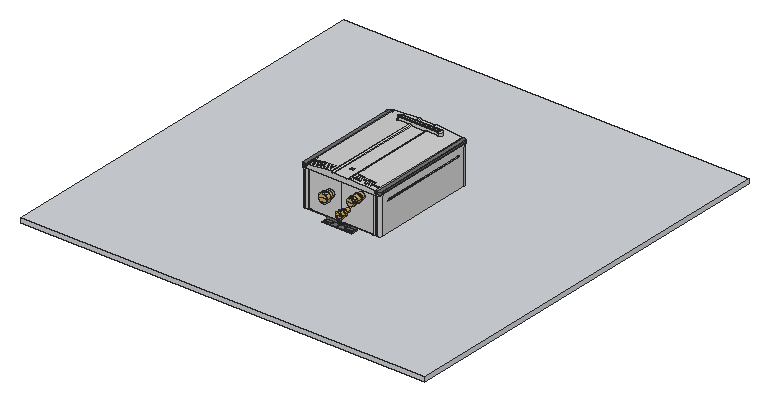
Revit family "Water_Heater-Rinnai-Ultra-Condensing-Tankless-RUS65e", category Mechanical Equipment, host Face, Revit 2012
Parameters (values of type "Standard")
  Width = 18 1/2"  # constant formula
  Wattage = 61 W
  Warranty URL = ""
  Warranty = "Residential:Limited 12-year on heat exchanger, 5-year on parts, 1-year on labor"  # constant formula
  Voltage = 120 V
  Unit = Metal - Rinnai - Aluminum Frame - Brass - Stain
  URL = "https://rinnai.us/"
  Temperature Settings = "120° - 140° F"  # constant formula
  Subcategory = "Tankless Water Heaters"  # constant formula
  Spec Sheet URL = "https://www.rinnai.us/documentation/downloads/RUS65e_%28KCM2025W-US%29_SP.pdf"
  Product Page URL = "https://rinnai.us/water-heater/product/rus65e-reu-kcm2025w-us"
  Noise Level Range = "55dB"  # constant formula
  Natural Gas = yes
  Model = "REU-KCM2025W-US"  # constant formula
  Max Amperage = 2.3 A
  Manufacturer Phone - Toll Free = "800-621-9419"  # constant formula
  Manufacturer Phone = "800-621-9419"  # constant formula
  Manufacturer Fax = "678-829-1666"  # constant formula
  Manufacturer Email = "mailto:engineering@rinnai.us"
  Manufacturer Address = "103 International Drive, Peachtree City, GA 30269"  # constant formula
  Manufacturer = "Rinnai America Corporation"  # constant formula
  Liquid Propane = yes
  Interference = Glass - Rinnai - Clear - Amber
  Installation URL = "https://www.rinnai.us/documentation/downloads/100000384.pdf"
  Installation Location = "Outdoor only"  # constant formula
  Ignition System = "Direct electronic ignition"  # constant formula
  Hot Water Connection = "Hot Water Connector"  # constant formula
  Height = 26"  # constant formula
  Panel = Metal - Rinnai - Aluminum Frame - Painted White
  Gas Supply Pressure Min = "4\" (NG); 8\" (Propane)"
  Gas Supply Pressure Max = "10.5\" (NG); 13.5\" (Propane)"
  Gas Manifold Pressure Low Fire = ".89\" (NG); .96\" (Propane)"
  Gas Manifold Pressure High Fire = "2.02\" (NG); 3.32\" (Propane)"
  Gas Input Rate = 130.0 Btu/h
  Gas Input Range = "10,300 - 130,000 BTU/h"  # constant formula
  Gas Connection = "Gas Connector"  # constant formula
  Frequency = 60 Hz
  Electrical Consumption Range = "Normal: 61 w, Standby: 1.3 w"  # constant formula
  Dry Weight = 57.30 lbf
  Description = "Tankless Water Heater"  # constant formula
  Depth = 10"  # constant formula
  Default Elevation = 4"
  Combustion Air = "Outdoor"  # constant formula
  Combustibles = yes
  Cold Water Connection = "Cold Water Connector"  # constant formula
  Clearance for Top = 12"  # constant formula
  Clearance for Sides = 6"  # constant formula
  Clearance for Ground or Bottom = 12"  # constant formula
  Clearance for Front = 24"  # constant formula
  Cap = Metal - Rinnai - Aluminum - Polished Sliver
  Assembly Code = ""
  Applicable Altitude Range = "0 - 5400 ft (0 - 1646 m)"  # constant formula
  95 CSI = ""
  04 CSI = ""
Reference planes (in)
  plane 1 "Center (Front/Back)": y = 0
  plane 2: z = 0
  plane 3 "Center (Left/Right)": x = 0
  plane 4: y = 13
  plane 5: y = -13
  plane 6: x = -9.25
  plane 7: x = 9.25
  plane 8: z = 10.5501
  plane 9: z = 0.5501
Forms (in)
  Extrusion 1, solid
    sketch origin (0, 0, 0) x (1, 0, 0) y (0, 1, 0)
      loop
        line (-48, 48) -> (-48, -48) -> (48, -48) -> (48, 48) -> (-48, 48)
    from 0 to -1
  Sweep 2, solid, material "Glass - Rinnai - Clear - Amber" <- "Interference", not visible
    path origin (0, 0, 0) x (1, 0, 0) y (0, 1, 0)
      loop
        line (0, 19) -> (0, -25)
    profile origin (0, -3, 0) x (1, 0, 0) y (0, 0, 1)
      loop
        line (11.25, 16.72205) -> (-11.25, 16.72205) -> (-11.25, 0) -> (11.25, 0) -> (11.25, 16.72205)
Dimensions and locks (in)
  equal spacing: plane 6, plane 3 "Center (Left/Right)", plane 7
  "Width": plane 6 to plane 7
  equal spacing: plane 4, plane 1 "Center (Front/Back)", plane 5
  "Height": plane 4 to plane 5
  locked: level to plane 9 at 0.5501
  "Depth": plane 9 to plane 8
  aligned and locked: plane 2 to Extrusion 1
  aligned and locked: level to Extrusion 1
  aligned and locked: Sweep 2 sketch curve to plane 3 "Center (Left/Right)"
  aligned and locked: Sweep 2 sketch curve to Extrusion 1
  aligned and locked: plane 3 "Center (Left/Right)" to nested 2
  aligned and locked: plane 7 to nested 1
  aligned and locked: nested 1 to plane 5
Automatic sketch dimensions
  Extrusion 1 sketch curve to Extrusion 1 sketch curve = 96"  (x2)
  plane 4 to Sweep 2 sketch curve = 6"
  plane 5 to Sweep 2 sketch curve = 12"
  profile plane to Sweep 2 sketch curve = 11 1/4"
  Sweep 2 sketch curve to profile plane = 11 1/4"
  Sweep 2 sketch curve to Sweep 2 sketch curve = 16.72205"
Nested families (in)
  nested 1: "Water Heater" at (0, 0.15, 0), type "RUS65e"
  nested 2: "Pipes" at (0, -14.03858, 0), type "Pipes"
Connectors (in)
  piping at (4.70163, -15.96888, 7.82256), driven by "Gas Connection"
    settings: on nested 2, index 1, connector radius 0.65", flow factor 0, pipe flow 0.00 GPM, pressure drop 0.00 psi, fitting loss kfactor 0, connector angle 0.00°, fixture units 0, engagement length 0", flow configuration 0, flow direction 1, fitting loss method 0, system type 8, joint type 0, gender type 0, connector reference index -1, connector utility 0, adjustable connector no, is connector primary yes, fitting loss table "", connector description "Gas Connector"
  piping at (-2.57004, -14.98448, 5.73209), driven by "Cold Water Connection"
    settings: on nested 2, index 2, connector radius 0.965", flow factor 0, pipe flow 0.00 GPM, pressure drop 0.00 psi, fitting loss kfactor 0, connector angle 0.00°, fixture units 0, engagement length 0", flow configuration 0, flow direction 2, fitting loss method 0, system type 20, joint type 0, gender type 0, connector reference index -1, connector utility 1, adjustable connector no, is connector primary no, fitting loss table "", connector description "Cold Water Connector"
  piping at (1.64829, -15.5587, 3.75493), driven by "Hot Water Connection"
    settings: on nested 2, index 3, connector radius 0.675", flow factor 0, pipe flow 0.00 GPM, pressure drop 0.00 psi, fitting loss kfactor 0, connector angle 0.00°, fixture units 0, engagement length 0", flow configuration 0, flow direction 2, fitting loss method 0, system type 19, joint type 0, gender type 0, connector reference index -1, connector utility 1, adjustable connector no, is connector primary no, fitting loss table "", connector description "Hot Water Connector"
Definition of nested family "Water Heater"
  Parameters (values of type "RUR98e")
    Unit = Metal - Rinnai - Aluminum Frame - Painted White
    URL = ""
    Panel = Metal - Rinnai - Aluminum Frame - Painted White
    Model = ""
    Manufacturer Email = ""
    Manufacturer = ""
    Interference = Glass - Rinnai - Clear - Amber
    Door = Metal - Rinnai - Aluminum - Polished Sliver
    Description = ""
    Default Elevation = 48"
    Assembly Code = ""
  Reference planes (in)
    plane 1 "Center (Front/Back)": y = 0
    plane 2: z = 0
    plane 3 "Center (Left/Right)": x = 0
    plane 4: y = 12.85
    plane 5: x = -9.25
    plane 6: x = 9.25
    plane 7: y = 14.85
    plane 8: y = -14.85
    plane 9: x = -9.375
    plane 10: x = 9.375
    plane 11: z = 34.72205
    plane 12: z = 10.72205
    plane 13: z = 0.62205
    plane 14: x = 5.09845
    plane 15: z = 7.0748
    plane 16: z = 2.99213
    plane 17: x = 2.10239
    plane 18: z = 5.00787
    plane 19: x = -2.12399
    plane 20: x = 5
    plane 21: z = 7.72205
    plane 22: z = 3.62205
    plane 23: x = 1.60239
    plane 24: z = 5.62205
    plane 25: x = -2.2
    plane 26: z = 2.49055
    plane 27: x = -0.39761
    plane 28: y = -13.15
  Forms (in)
    Extrusion 1, solid
      sketch origin (0, 0, 0) x (1, 0, 0) y (0, 1, 0)
        loop
          line (-48, 48) -> (-48, -48) -> (48, -48) -> (48, 48) -> (-48, 48)
      from 0 to -1
    Sweep 2, solid, material "Glass - Rinnai - Clear - Amber" <- "Interference", not visible
      path origin (0, 0, 0) x (1, 0, 0) y (0, 1, 0)
        loop
          line (0, 14.85) -> (0, -14.85)
      profile origin (0, 0, 0) x (1, 0, 0) y (0, 0, 1)
        loop
          line (9.375, 34.72205) -> (-9.375, 34.72205) -> (-9.375, 0) -> (9.375, 0) -> (9.375, 34.72205)
  Dimensions and locks (in)
    plane 1 "Center (Front/Back)" to plane 4 = 12.85"
    equal spacing: plane 5, plane 3 "Center (Left/Right)", plane 6
    plane 5 to plane 6 = 18 1/2"
    plane 7 to plane 4 = 2"
    plane 9 to plane 5 = 1/8"
    plane 6 to plane 10 = 1/8"
    locked: plane 13 to Extrusion 1 at 0.62205
    plane 12 to plane 13 = 10.1"
    plane 11 to plane 12 = 24"
    plane 4 to plane 28 = 26"
    aligned and locked: plane 2 to Extrusion 1
    aligned and locked: level to Extrusion 1
    aligned and locked: plane 1 "Center (Front/Back)" to nested 1
    aligned and locked: Sweep 2 sketch curve to plane 3 "Center (Left/Right)"
    aligned and locked: plane 7 to Sweep 2 sketch curve
    aligned and locked: plane 8 to Sweep 2 sketch curve
    aligned and locked: plane 10 to Sweep 2 sketch curve
    aligned and locked: Sweep 2 sketch curve to plane 11
    aligned and locked: Sweep 2 sketch curve to plane 9
    aligned and locked: Sweep 2 sketch curve to Extrusion 1
    aligned and locked: plane 1 "Center (Front/Back)" to nested 2
    aligned and locked: plane 3 "Center (Left/Right)" to nested 2
    aligned and locked: plane 3 "Center (Left/Right)" to nested 1
    aligned and locked: Extrusion 1 to nested 2
  Automatic sketch dimensions
    Extrusion 1 sketch curve to Extrusion 1 sketch curve = 96"  (x2)
  Nested families (in)
    nested 1: "RUR98e" at (0, 0, 0.59375), type "RUR98e"
    nested 2: "Masking_Nested" at (0, 0, 0.59055), type "Masking_Nested"
  Definition of nested family "RUR98e"
    Parameters (values of type "RUR98e")
      Unit = Metal - Rinnai - Aluminum Frame - Painted White
      G = 3.44"  # constant formula
      F = 1.85"  # constant formula
      E = 2.89"  # constant formula
      Door = Metal - Rinnai - Aluminum - Polished Sliver
      Display = Metal - Rinnai - Aluminum Frame - Painted White
      Default Elevation = 48"
      Clamp = Metal - Rinnai - Aluminum - Polished Sliver
      C = 1.17"  # constant formula
      Width = 18 1/2"  # constant formula
      Height = 25.7"  # constant formula
      Depth = 10.1"  # constant formula
      D = 4.33"  # constant formula
      B = 4.21"  # constant formula
    Reference planes (in)
      plane 1 "Center (Front/Back)": y = 0
      plane 2: z = 0
      plane 3 "Center (Left/Right)": x = 0
      plane 4: y = 12.85
      plane 5: x = -9.25
      plane 6: x = 9.25
      plane 7: z = 10.1
      plane 8: z = 8.75945
      plane 9: z = -0.20842
      plane 10: z = 3.97008
      plane 11: x = 4.33
      plane 12: x = 1.17
      plane 13: z = 1.61008
      plane 14: x = -2.89
      plane 15: z = 3.20008
      plane 16: y = 15.52
      plane 17: z = 19.63941
      plane 18: z = 10.70949
      plane 19: x = 0
      plane 20: y = 9.95477
      plane 21: x = 5.09845
      plane 22: z = 7.0748
      plane 23: z = 2.99213
      plane 24: x = 2.10239
      plane 25: z = 5.00787
      plane 26: x = -2.12399
      plane 27: z = -0.59055
      plane 28: y = -13.15
    Forms (in)
      Extrusion 1, solid, material "Metal - Rinnai - Aluminum Frame - Painted White" <- "Unit", detail levels medium+fine
        sketch origin (0, 0, 0) x (1, 0, 0) y (0, 1, 0)
          loop
            arc (-8.5, 12.72578) -> (-9.03033, 12.50611) -> (-9.25, 11.97578) r 0.75
            line (-9.25, 11.97578) -> (-9.25, -12.07027)
            arc (-9.25, -12.07027) -> (-9.03033, -12.6006) -> (-8.5, -12.82027) r 0.75
            line (-8.5, -12.82027) -> (-7.75409, -12.82027)
            arc (-7.75409, -12.82027) -> (-7.72259, -12.78878) -> (-7.75409, -12.75728) r 0.0315
            line (-7.75409, -12.75728) -> (-8.33874, -12.75728)
            arc (-8.33874, -12.75728) -> (-8.86907, -12.53761) -> (-9.08874, -12.00728) r 0.75
            line (-9.08874, -12.00728) -> (-9.08874, 11.87342)
            arc (-9.08874, 11.87342) -> (-8.86907, 12.40375) -> (-8.33874, 12.62342) r 0.75
            line (-8.33874, 12.62342) -> (8.33874, 12.62342)
            arc (8.33874, 12.62342) -> (8.86907, 12.40375) -> (9.08874, 11.87342) r 0.75
            line (9.08874, 11.87342) -> (9.08874, -12.00728)
            arc (9.08874, -12.00728) -> (8.86907, -12.53761) -> (8.33874, -12.75728) r 0.75
            line (8.33874, -12.75728) -> (7.75409, -12.75728)
            arc (7.75409, -12.75728) -> (7.72259, -12.78878) -> (7.75409, -12.82027) r 0.0315
            line (7.75409, -12.82027) -> (8.5, -12.82027)
            arc (8.5, -12.82027) -> (9.03033, -12.6006) -> (9.25, -12.07027) r 0.75
            line (9.25, -12.07027) -> (9.25, 11.97578)
            arc (9.25, 11.97578) -> (9.03033, 12.50611) -> (8.5, 12.72578) r 0.75
            line (8.5, 12.72578) -> (-8.5, 12.72578)
        from -0.04045 to 8.75945
      Extrusion 2, solid, material "Metal - Rinnai - Aluminum Frame - Painted White" <- "Unit", detail levels fine
        sketch origin (0, 0, 0) x (1, 0, 0) y (0, 1, 0)
          loop
            arc (-7.94561, -12.71791) -> (-7.96958, -12.73044) -> (-7.97296, -12.75728) r 0.02918
            line (-7.97296, -12.75728) -> (0.00974, -12.75728) -> (7.97296, -12.75728)
            arc (7.97296, -12.75728) -> (7.96958, -12.73044) -> (7.94561, -12.71791) r 0.02918
            line (7.94561, -12.71791) -> (-0.00497, -12.71791) -> (-7.94561, -12.71791)
        from 0 to 8.75945
      Sweep 3, solid, material "Metal - Rinnai - Aluminum Frame - Painted White" <- "Unit", detail levels medium+fine
        path origin (-19.30772, -180, -0.04045) x (-1, 0, 0) y (0, -1, 0)
          loop
            line (-27.06181, -167.17973) -> (-27.80772, -167.17973)
            arc (-27.80772, -167.17973) -> (-28.33805, -167.3994) -> (-28.55772, -167.92973) r 0.75
            line (-28.55772, -167.92973) -> (-28.55772, -191.97578)
            arc (-28.55772, -191.97578) -> (-28.33805, -192.50611) -> (-27.80772, -192.72578) r 0.75
            line (-27.80772, -192.72578) -> (-10.80772, -192.72578)
            arc (-10.80772, -192.72578) -> (-10.27739, -192.50611) -> (-10.05772, -191.97578) r 0.75
            line (-10.05772, -191.97578) -> (-10.05772, -167.92973)
            arc (-10.05772, -167.92973) -> (-10.27739, -167.3994) -> (-10.80772, -167.17973) r 0.75
            line (-10.80772, -167.17973) -> (-11.55363, -167.17973)
        profile origin (8.12705, -12.82027, -0.04045) x (0, 1, 0) y (0, 0, 1)
          loop
            arc (0, 0.0315) -> (0.00922, 0.00922) -> (0.0315, 0) r 0.0315
            line (0.0315, 0) -> (0.0315, 0.0315) -> (0, 0.0315)
      Extrusion 4, solid, material "Metal - Rinnai - Aluminum - Polished Sliver" <- "Clamp", detail levels medium+fine
        sketch origin (0, 0, 0) x (0, 1, 0) y (0, 0, 1)
          loop
            arc (-14.30637, -0.52756) -> (-14.33787, -0.55906) -> (-14.30637, -0.59055) r 0.0315
            line (-14.30637, -0.59055) -> (-12.85049, -0.59055)
            arc (-12.85049, -0.59055) -> (-12.82912, -0.5817) -> (-12.82027, -0.56033) r 0.03022
            line (-12.82027, -0.56033) -> (-12.82027, -0.11024) -> (-12.52618, -0.11024)
            arc (-12.52618, -0.11024) -> (-12.47377, -0.09026) -> (-12.44796, -0.04045) r 0.07874
            line (-12.44796, -0.04045) -> (-12.88326, -0.04045) -> (-12.88326, -0.52756) -> (-14.30637, -0.52756)
          loop
            line (14.30637, -0.52756) -> (12.88326, -0.52756) -> (12.88326, -0.04045) -> (12.44796, -0.04045)
            arc (12.44796, -0.04045) -> (12.47377, -0.09026) -> (12.52618, -0.11024) r 0.07874
            line (12.52618, -0.11024) -> (12.82027, -0.11024) -> (12.82027, -0.56033)
            arc (12.82027, -0.56033) -> (12.82912, -0.5817) -> (12.85049, -0.59055) r 0.03022
            line (12.85049, -0.59055) -> (14.30637, -0.59055)
            arc (14.30637, -0.59055) -> (14.33787, -0.55906) -> (14.30637, -0.52756) r 0.0315
        from -3.54331 to 3.54331
      Extrusion 5, void
        sketch origin (0, 0, 0) x (0, 1, 0) y (1, 0, 0)
          loop
            line (13.67854, 0.11811) -> (13.48655, 0.11811)
            arc (13.48655, 0.11811) -> (13.39706, 0.19062) -> (13.28484, 0.21654) r 0.25591
            line (13.28484, 0.21654) -> (13.00925, 0.21654)
            arc (13.00925, 0.21654) -> (12.79271, 0) -> (13.00925, -0.21654) r 0.21654
            line (13.00925, -0.21654) -> (13.28484, -0.21654)
            arc (13.28484, -0.21654) -> (13.39706, -0.19062) -> (13.48655, -0.11811) r 0.25591
            line (13.48655, -0.11811) -> (13.67854, -0.11811)
            arc (13.67854, -0.11811) -> (13.79665, 0) -> (13.67854, 0.11811) r 0.11811
          loop
            circle (13.48163, 1.57456) r 0.25559
          loop
            line (13.90492, 2.35236) -> (13.90492, 2.76575)
            arc (13.90492, 2.76575) -> (13.79665, 2.87402) -> (13.68838, 2.76575) r 0.10827
            line (13.68838, 2.76575) -> (13.68838, 2.35236)
            arc (13.68838, 2.35236) -> (13.79665, 2.24409) -> (13.90492, 2.35236) r 0.10827
          loop
            line (13.69823, 3.26772) -> (13.61949, 3.26772)
            arc (13.61949, 3.26772) -> (13.50137, 3.14961) -> (13.61949, 3.0315) r 0.11811
            line (13.61949, 3.0315) -> (13.69823, 3.0315)
            arc (13.69823, 3.0315) -> (13.81634, 3.14961) -> (13.69823, 3.26772) r 0.11811
          loop
            circle (13.48163, -1.57456) r 0.25559
          loop
            arc (13.90492, -2.0374) -> (13.79665, -1.92913) -> (13.68838, -2.0374) r 0.10827
            line (13.68838, -2.0374) -> (13.68838, -2.76575)
            arc (13.68838, -2.76575) -> (13.79665, -2.87402) -> (13.90492, -2.76575) r 0.10827
            line (13.90492, -2.76575) -> (13.90492, -2.0374)
          loop
            arc (13.69823, -3.26772) -> (13.81634, -3.14961) -> (13.69823, -3.0315) r 0.11811
            line (13.69823, -3.0315) -> (13.61949, -3.0315)
            arc (13.61949, -3.0315) -> (13.50137, -3.14961) -> (13.61949, -3.26772) r 0.11811
            line (13.61949, -3.26772) -> (13.69823, -3.26772)
          loop
            line (-13.73366, -0.11811) -> (-13.54167, -0.11811)
            arc (-13.54167, -0.11811) -> (-13.45218, -0.19062) -> (-13.33996, -0.21654) r 0.25591
            line (-13.33996, -0.21654) -> (-13.06437, -0.21654)
            arc (-13.06437, -0.21654) -> (-12.84783, 0) -> (-13.06437, 0.21654) r 0.21654
            line (-13.06437, 0.21654) -> (-13.33996, 0.21654)
            arc (-13.33996, 0.21654) -> (-13.45218, 0.19062) -> (-13.54167, 0.11811) r 0.25591
            line (-13.54167, 0.11811) -> (-13.73366, 0.11811)
            arc (-13.73366, 0.11811) -> (-13.85177, 0) -> (-13.73366, -0.11811) r 0.11811
          loop
            circle (-13.53674, -1.57456) r 0.25559
          loop
            line (-13.96004, -2.35236) -> (-13.96004, -2.76575)
            arc (-13.96004, -2.76575) -> (-13.85177, -2.87402) -> (-13.7435, -2.76575) r 0.10827
            line (-13.7435, -2.76575) -> (-13.7435, -2.35236)
            arc (-13.7435, -2.35236) -> (-13.85177, -2.24409) -> (-13.96004, -2.35236) r 0.10827
          loop
            line (-13.75334, -3.26772) -> (-13.6746, -3.26772)
            arc (-13.6746, -3.26772) -> (-13.55649, -3.14961) -> (-13.6746, -3.0315) r 0.11811
            line (-13.6746, -3.0315) -> (-13.75334, -3.0315)
            arc (-13.75334, -3.0315) -> (-13.87145, -3.14961) -> (-13.75334, -3.26772) r 0.11811
          loop
            circle (-13.53674, 1.57456) r 0.25559
          loop
            arc (-13.96004, 2.0374) -> (-13.85177, 1.92913) -> (-13.7435, 2.0374) r 0.10827
            line (-13.7435, 2.0374) -> (-13.7435, 2.76575)
            arc (-13.7435, 2.76575) -> (-13.85177, 2.87402) -> (-13.96004, 2.76575) r 0.10827
            line (-13.96004, 2.76575) -> (-13.96004, 2.0374)
          loop
            arc (-13.75334, 3.26772) -> (-13.87145, 3.14961) -> (-13.75334, 3.0315) r 0.11811
            line (-13.75334, 3.0315) -> (-13.6746, 3.0315)
            arc (-13.6746, 3.0315) -> (-13.55649, 3.14961) -> (-13.6746, 3.26772) r 0.11811
            line (-13.6746, 3.26772) -> (-13.75334, 3.26772)
        from 0.52756 to 0.59055
      Extrusion 6, void
        sketch origin (0, 0, 0.23337) x (1, 0, 0) y (0, 0, 1)
          loop
            line (9.53125, 10.1184) -> (-9.53125, 10.1184) -> (-9.53125, 8.75147) -> (-8.45921, 8.75147) -> (-8.09256, 8.96315) -> (-8.09256, 9.11474)
            arc (-8.09256, 9.11474) -> (-8.15825, 9.1617) -> (-8.22104, 9.21246) r 1.36561
            arc (-8.22104, 9.21246) -> (-8.24458, 9.29284) -> (-8.18067, 9.34696) r 0.07682
            arc (-8.18067, 9.34696) -> (-4.09779, 9.77258) -> (0, 10.0158) r 92.07872
            arc (0, 10.0158) -> (4.12628, 9.77025) -> (8.23738, 9.33975) r 92.07872
            arc (8.23738, 9.33975) -> (8.279, 9.30476) -> (8.26549, 9.25234) r 0.05052
            arc (8.26549, 9.25234) -> (8.18181, 9.18004) -> (8.09256, 9.11474) r 1.36561
            line (8.09256, 9.11474) -> (8.09256, 8.96315) -> (8.45921, 8.75147) -> (9.53125, 8.75147) -> (9.53125, 10.1184)
        from -15.04938 to 15.10382
      Extrusion 7, solid, material "Metal - Rinnai - Aluminum Frame - Painted White" <- "Display", detail levels medium+fine
        sketch origin (0, 0, 0) x (1, 0, 0) y (0, 1, 0)
          loop
            line (8.58208, 12.85) -> (-8.63521, 12.85)
            arc (-8.63521, 12.85) -> (-9.06993, 12.66993) -> (-9.25, 12.23521) r 0.61479
            line (-9.25, 12.23521) -> (-9.25, -12.55655)
            arc (-9.25, -12.55655) -> (-9.07618, -12.97618) -> (-8.65655, -13.15) r 0.59345
            line (-8.65655, -13.15) -> (8.56688, -13.15)
            arc (8.56688, -13.15) -> (9.04992, -12.94992) -> (9.25, -12.46688) r 0.68312
            line (9.25, -12.46688) -> (9.25, 12.18208)
            arc (9.25, 12.18208) -> (9.05437, 12.65437) -> (8.58208, 12.85) r 0.66792
        from 8.75945 to 10.35178
      Extrusion 8, solid, material "Metal - Rinnai - Aluminum - Polished Sliver" <- "Door", detail levels medium+fine
        sketch origin (0, 0, 0) x (1, 0, 0) y (0, 1, 0)
          loop
            arc (-8.52756, 12.84217) -> (-9.05789, 12.6225) -> (-9.27756, 12.09217) r 0.75
            line (-9.27756, 12.09217) -> (-9.27756, -12.4)
            arc (-9.27756, -12.4) -> (-9.05789, -12.93033) -> (-8.52756, -13.15) r 0.75
            line (-8.52756, -13.15) -> (-8.09256, -13.15) -> (-8.09256, 12.84217) -> (-8.52756, 12.84217)
          loop
            line (8.52756, 12.84217) -> (8.09256, 12.84217) -> (8.09256, -13.15) -> (8.52756, -13.15)
            arc (8.52756, -13.15) -> (9.05789, -12.93033) -> (9.27756, -12.4) r 0.75
            line (9.27756, -12.4) -> (9.27756, 12.09217)
            arc (9.27756, 12.09217) -> (9.05789, 12.6225) -> (8.52756, 12.84217) r 0.75
        from 8.98484 to 9.68676
      Extrusion 9, solid, material "Metal - Rinnai - Aluminum Frame - Painted White" <- "Unit", detail levels coarse
        sketch origin (0, 0, 0) x (1, 0, 0) y (0, 1, 0)
          loop
            line (9.25, -13.15) -> (9.25, 12.85) -> (-9.27756, 12.85) -> (-9.27756, -13.15) -> (9.25, -13.15)
        from -0.59055 to 10.1
      Extrusion 10, solid, material "Metal - Rinnai - Aluminum Frame - Painted White" <- "Unit", detail levels medium
        sketch origin (0, 0, 0) x (1, 0, 0) y (0, 1, 0)
          loop
            arc (-7.94561, -12.71791) -> (-7.96958, -12.73044) -> (-7.97296, -12.75728) r 0.02918
            line (-7.97296, -12.75728) -> (0.00974, -12.75728) -> (7.97296, -12.75728)
            arc (7.97296, -12.75728) -> (7.96958, -12.73044) -> (7.94561, -12.71791) r 0.02918
            line (7.94561, -12.71791) -> (-0.00497, -12.71791) -> (-7.94561, -12.71791)
        from 0 to 8.75945
      Extrusion 11, void
        sketch origin (0, 0, -0.5) x (1, 0, 0) y (0, 0, 1)
          loop
            arc (-2.72285, 8.66093) -> (-2.65853, 7.48173) -> (-2.60646, 6.30193) r 113.80035
            arc (-2.60646, 6.30193) -> (-2.30126, 4.88899) -> (-3.007, 3.62747) r 2.04411
            arc (-3.007, 3.62747) -> (-0.09766, 0.15621) -> (3.02871, 3.43337) r 3.03824
            arc (3.02871, 3.43337) -> (2.73456, 3.91825) -> (2.60646, 4.47073) r 1.79421
            arc (2.60646, 4.47073) -> (2.64496, 6.56638) -> (2.72285, 8.66093) r 111.52327
            line (2.72285, 8.66093) -> (-2.72285, 8.66093)
        from -13.68838 to 13.39188
      Extrusion 12, void
        sketch origin (0, 0, 0.15514) x (1, 0, 0) y (0, 0, 1)
          loop
            arc (1.60849, 9.74656) -> (1.69001, 9.75729) -> (1.76597, 9.78875) r 0.31496
            line (1.76597, 9.78875) -> (2.03915, 9.94647)
            arc (2.03915, 9.94647) -> (2.1341, 9.9858) -> (2.236, 9.99922) r 0.3937
            line (2.236, 9.99922) -> (2.236, 10.20703) -> (-2.23606, 10.20703) -> (-2.23606, 9.99922)
            arc (-2.23606, 9.99922) -> (-2.13416, 9.9858) -> (-2.0392, 9.94647) r 0.3937
            line (-2.0392, 9.94647) -> (-1.76603, 9.78875)
            arc (-1.76603, 9.78875) -> (-1.69007, 9.75729) -> (-1.60855, 9.74656) r 0.31496
            line (-1.60855, 9.74656) -> (1.60849, 9.74656)
        from -14.53617 to 14.5778
      Sweep 13, solid, material "Metal - Rinnai - Aluminum Frame - Painted White" <- "Display", detail levels medium+fine
        path origin (0, -0.07031, 0) x (1, 0, 0) y (0, 1, 0)
          loop
            line (4.74071, 11.10265) -> (-4.74071, 11.10265)
            arc (-4.74071, 11.10265) -> (-5.28643, 10.55692) -> (-4.74071, 10.0112) r 0.54572
            line (-4.74071, 10.0112) -> (4.74071, 10.0112)
            arc (4.74071, 10.0112) -> (5.28643, 10.55692) -> (4.74071, 11.10265) r 0.54572
        profile origin (0, 11.03233, 0) x (0, -1, 0) y (0, 0, 1)
          loop
            line (0.03559, 10.62469) -> (0.0007, 9.62547) -> (0.13078, 9.62547) -> (0.16863, 10.70949) -> (0.12341, 10.70949)
            arc (0.12341, 10.70949) -> (0.06237, 10.68483) -> (0.03559, 10.62469) r 0.08787
      Extrusion 14, solid, material "Metal - Rinnai - Aluminum Frame - Painted White" <- "Unit", detail levels medium+fine
        sketch origin (0, 0, 0) x (1, 0, 0) y (0, 1, 0)
          loop
            arc (-9.08874, -12.00728) -> (-8.86907, -12.53761) -> (-8.33874, -12.75728) r 0.75
            line (-8.33874, -12.75728) -> (-7.75409, -12.75728) -> (8.33874, -12.75728)
            arc (8.33874, -12.75728) -> (8.86907, -12.53761) -> (9.08874, -12.00728) r 0.75
            line (9.08874, -12.00728) -> (9.08874, 11.87342)
            arc (9.08874, 11.87342) -> (8.86907, 12.40375) -> (8.33874, 12.62342) r 0.75
            line (8.33874, 12.62342) -> (-8.33874, 12.62342)
            arc (-8.33874, 12.62342) -> (-8.86907, 12.40375) -> (-9.08874, 11.87342) r 0.75
            line (-9.08874, 11.87342) -> (-9.08874, -12.00728)
        from -0.01923 to 0
      Revolve 15, void
        sketch origin (9.3125, 0, 0) x (0, 1, 0) y (0, 0, 1)
          loop
            arc (10.67775, 6.82414) -> (10.62581, 6.97256) -> (10.48169, 7.03543) r 0.19661
            line (10.48169, 7.03543) -> (-10.77815, 7.03543)
            arc (-10.77815, 7.03543) -> (-10.92236, 6.97257) -> (-10.97447, 6.82414) r 0.19685
            line (-10.97447, 6.82414) -> (10.67775, 6.82414)
          axis (-10.97447, 6.82414) -> (10.67775, 6.82414)
        angle from 180 to -180
      Revolve 16, void
        sketch origin (-9.3125, 0, 0) x (0, 1, 0) y (0, 0, -1)
          loop
            line (10.67775, -6.82414) -> (-10.97447, -6.82414)
            arc (-10.97447, -6.82414) -> (-10.92236, -6.97257) -> (-10.77815, -7.03543) r 0.19685
            line (-10.77815, -7.03543) -> (10.48169, -7.03543)
            arc (10.48169, -7.03543) -> (10.62581, -6.97256) -> (10.67775, -6.82414) r 0.19661
          axis (-10.97447, -6.82414) -> (10.67775, -6.82414)
        angle from 180 to -180
      Extrusion 17, void
        sketch origin (0, 0, 0) x (1, 0, 0) y (0, 0, 1)
          loop
            arc (-8.09256, 9.34812) -> (-8.22033, 9.44523) -> (-8.33583, 9.55665) r 1.36561
            arc (-8.33583, 9.55665) -> (-8.76634, 9.49374) -> (-9.19638, 9.42766) r 59.05511
            arc (-9.19638, 9.42766) -> (-9.24465, 9.40066) -> (-9.26381, 9.34878) r 0.07985
            line (-9.26381, 9.34878) -> (-9.26381, 8.98484) -> (-8.45921, 8.98484) -> (-8.09256, 9.19653) -> (-8.09256, 9.34812)
          loop
            line (-7.89256, 10.28429) -> (-9.46381, 10.28429) -> (-9.46381, 8.78484) -> (-7.89256, 8.78484) -> (-7.89256, 10.28429)
          loop
            line (8.09256, 9.34812) -> (8.09256, 9.19653) -> (8.45921, 8.98484) -> (9.26381, 8.98484) -> (9.26381, 9.34878)
            arc (9.26381, 9.34878) -> (9.24465, 9.40066) -> (9.19638, 9.42766) r 0.07985
            arc (9.19638, 9.42766) -> (8.76634, 9.49374) -> (8.33583, 9.55665) r 59.05511
            arc (8.33583, 9.55665) -> (8.22033, 9.44523) -> (8.09256, 9.34812) r 1.36561
          loop
            line (7.89256, 10.28429) -> (7.89256, 8.78484) -> (9.46381, 8.78484) -> (9.46381, 10.28429) -> (7.89256, 10.28429)
        from -13.68838 to 17.90298
      Extrusion 18, void
        sketch origin (0, 0, 0) x (1, 0, 0) y (0, 1, 0)
          loop
            line (-7.7581, -11.22239) -> (-5.65431, -11.22239)
            arc (-5.65431, -11.22239) -> (-5.50316, -11.07125) -> (-5.65431, -10.9201) r 0.15114
            line (-5.65431, -10.9201) -> (-7.7581, -10.9201)
            arc (-7.7581, -10.9201) -> (-7.90925, -11.07125) -> (-7.7581, -11.22239) r 0.15114
          loop
            line (-7.7581, -11.93333) -> (-5.65431, -11.93333)
            arc (-5.65431, -11.93333) -> (-5.50316, -11.78218) -> (-5.65431, -11.63104) r 0.15114
            line (-5.65431, -11.63104) -> (-7.7581, -11.63104)
            arc (-7.7581, -11.63104) -> (-7.90925, -11.78218) -> (-7.7581, -11.93333) r 0.15114
          loop
            line (-7.7581, -12.64427) -> (-5.65431, -12.64427)
            arc (-5.65431, -12.64427) -> (-5.50316, -12.49312) -> (-5.65431, -12.34198) r 0.15114
            line (-5.65431, -12.34198) -> (-7.7581, -12.34198)
            arc (-7.7581, -12.34198) -> (-7.90925, -12.49312) -> (-7.7581, -12.64427) r 0.15114
          loop
            line (-5.00419, -11.22239) -> (-2.9004, -11.22239)
            arc (-2.9004, -11.22239) -> (-2.74926, -11.07125) -> (-2.9004, -10.9201) r 0.15114
            line (-2.9004, -10.9201) -> (-5.00419, -10.9201)
            arc (-5.00419, -10.9201) -> (-5.15534, -11.07125) -> (-5.00419, -11.22239) r 0.15114
          loop
            line (-5.00419, -11.93333) -> (-2.9004, -11.93333)
            arc (-2.9004, -11.93333) -> (-2.74926, -11.78218) -> (-2.9004, -11.63104) r 0.15114
            line (-2.9004, -11.63104) -> (-5.00419, -11.63104)
            arc (-5.00419, -11.63104) -> (-5.15534, -11.78218) -> (-5.00419, -11.93333) r 0.15114
          loop
            line (-5.00419, -12.64427) -> (-2.9004, -12.64427)
            arc (-2.9004, -12.64427) -> (-2.74926, -12.49312) -> (-2.9004, -12.34198) r 0.15114
            line (-2.9004, -12.34198) -> (-5.00419, -12.34198)
            arc (-5.00419, -12.34198) -> (-5.15534, -12.49312) -> (-5.00419, -12.64427) r 0.15114
          loop
            arc (7.7581, -11.22239) -> (7.90925, -11.07125) -> (7.7581, -10.9201) r 0.15114
            line (7.7581, -10.9201) -> (5.65431, -10.9201)
            arc (5.65431, -10.9201) -> (5.50316, -11.07125) -> (5.65431, -11.22239) r 0.15114
            line (5.65431, -11.22239) -> (7.7581, -11.22239)
          loop
            arc (7.7581, -11.93333) -> (7.90925, -11.78218) -> (7.7581, -11.63104) r 0.15114
            line (7.7581, -11.63104) -> (5.65431, -11.63104)
            arc (5.65431, -11.63104) -> (5.50316, -11.78218) -> (5.65431, -11.93333) r 0.15114
            line (5.65431, -11.93333) -> (7.7581, -11.93333)
          loop
            arc (7.7581, -12.64427) -> (7.90925, -12.49312) -> (7.7581, -12.34198) r 0.15114
            line (7.7581, -12.34198) -> (5.65431, -12.34198)
            arc (5.65431, -12.34198) -> (5.50316, -12.49312) -> (5.65431, -12.64427) r 0.15114
            line (5.65431, -12.64427) -> (7.7581, -12.64427)
          loop
            arc (5.00419, -11.22239) -> (5.15534, -11.07125) -> (5.00419, -10.9201) r 0.15114
            line (5.00419, -10.9201) -> (2.9004, -10.9201)
            arc (2.9004, -10.9201) -> (2.74926, -11.07125) -> (2.9004, -11.22239) r 0.15114
            line (2.9004, -11.22239) -> (5.00419, -11.22239)
          loop
            arc (5.00419, -11.93333) -> (5.15534, -11.78218) -> (5.00419, -11.63104) r 0.15114
            line (5.00419, -11.63104) -> (2.9004, -11.63104)
            arc (2.9004, -11.63104) -> (2.74926, -11.78218) -> (2.9004, -11.93333) r 0.15114
            line (2.9004, -11.93333) -> (5.00419, -11.93333)
          loop
            arc (5.00419, -12.64427) -> (5.15534, -12.49312) -> (5.00419, -12.34198) r 0.15114
            line (5.00419, -12.34198) -> (2.9004, -12.34198)
            arc (2.9004, -12.34198) -> (2.74926, -12.49312) -> (2.9004, -12.64427) r 0.15114
            line (2.9004, -12.64427) -> (5.00419, -12.64427)
          loop
            arc (-4.74071, 10.8637) -> (-5.1178, 10.48661) -> (-4.74071, 10.10952) r 0.37709
            line (-4.74071, 10.10952) -> (4.74071, 10.10952)
            arc (4.74071, 10.10952) -> (5.1178, 10.48661) -> (4.74071, 10.8637) r 0.37709
            line (4.74071, 10.8637) -> (-4.74071, 10.8637)
        from 8.75945 to 10.3296
      Extrusion 19, solid, material "Metal - Rinnai - Aluminum - Polished Sliver" <- "Door", detail levels medium+fine
        sketch origin (1.60849, 0, 9.90169) x (-1, 0, 0) y (0, -1, 0)
          loop
            line (1.96588, 9.35572) -> (1.96588, 9.85572) -> (1.21588, 9.85572) -> (1.21588, 9.35572) -> (1.96588, 9.35572)
        from 0 to 0.03125
    Cuts and joins
      Extrusion 5, Extrusion 11 cuts Extrusion 4
      Extrusion 6, Extrusion 12, Extrusion 18 cuts Extrusion 7
      Extrusion 17, Extrusion 18 cuts Sweep 13
      joined: Extrusion 7, Sweep 13
      Extrusion 17 cuts Extrusion 8
      joined: Extrusion 8, Extrusion 19
      Revolve 15, Revolve 16, Extrusion 18 cuts Extrusion 1
      Revolve 15, Revolve 16, Extrusion 18 cuts Sweep 3
      Revolve 15, Revolve 16, Extrusion 18 cuts Extrusion 14
      joined: Extrusion 1, Sweep 3, Extrusion 14
    Lines and regions (in)
      model lines, style "Water Heater", detail levels fine
        curve 1: line (-1.46319, -11.08719, 9.90169) -> (1.43194, -11.08719, 9.90169)
        curve 2: line (-1.54319, -12.86249, 9.90169) -> (-1.54319, -11.16719, 9.90169)
        curve 3: line (1.43194, -12.94249, 9.90169) -> (-1.46319, -12.94249, 9.90169)
        curve 4: line (1.51194, -11.16719, 9.90169) -> (1.51194, -12.86249, 9.90169)
        curve 5: arc (-1.54319, -11.16719, 9.90169) -> (-1.51976, -11.11062, 9.90169) -> (-1.46319, -11.08719, 9.90169) r 0.08
        curve 6: arc (1.43194, -11.08719, 9.90169) -> (1.48851, -11.11062, 9.90169) -> (1.51194, -11.16719, 9.90169) r 0.08
        curve 7: arc (1.43194, -12.94249, 9.90169) -> (1.48851, -12.91906, 9.90169) -> (1.51194, -12.86249, 9.90169) r 0.08
        curve 8: arc (-1.46319, -12.94249, 9.90169) -> (-1.51976, -12.91906, 9.90169) -> (-1.54319, -12.86249, 9.90169) r 0.08
      symbolic lines, style "Water Heater", detail levels medium+fine
        curve 9: line (0.39261, -9.35572, 0) -> (-0.35739, -9.35572, 0)
        curve 10: line (-0.35739, -9.35572, 0) -> (-0.35739, -9.85572, 0)
        curve 11: line (-0.35739, -9.85572, 0) -> (0.39261, -9.85572, 0)
        curve 12: line (0.39261, -9.85572, 0) -> (0.39261, -9.35572, 0)
    Dimensions and locks (in)
      plane 1 "Center (Front/Back)" to plane 4 = 12.85"
      equal spacing: plane 5, plane 3 "Center (Left/Right)", plane 6
      "Width": plane 5 to plane 6
      locked: plane 7 to plane 8 at 1.34055
      "D": plane 11 to plane 3 "Center (Left/Right)"
      "C": plane 3 "Center (Left/Right)" to plane 12
      "E": plane 3 "Center (Left/Right)" to plane 14
      locked: plane 16 to plane 4 at 2.67
      Extrusion 6 sketch curve to plane 7 = 0.25178"
      equal spacing: Extrusion 6 sketch curve, plane 7, Extrusion 6 sketch curve
      plane 5 to Extrusion 7 sketch curve = 0"
      Extrusion 7 sketch curve to plane 6 = 0"
      "Depth": plane 7 to plane 2
      plane 4 to plane 28 = 26"
      aligned and locked: plane 2 to level
      aligned and locked: plane 4 to Extrusion 9 sketch curve
      aligned and locked: Extrusion 9 sketch curve to plane 6
      aligned and locked: Extrusion 9 to plane 7
    Automatic sketch dimensions
      Extrusion 1 sketch curve to plane 5 = 0"
      Extrusion 1 sketch curve to plane 6 = 0"
      plane 5 to Extrusion 1 sketch curve = 0.16126"
      plane 5 to Extrusion 1 sketch curve = 3/4"  (x2)
      Extrusion 1 sketch curve to plane 4 = 0.12422"
      Extrusion 1 sketch curve to Extrusion 1 sketch curve = 0.16126"  (x4)
      Extrusion 1 sketch curve to Extrusion 1 sketch curve = 0.58465"  (x2)
      plane 6 to Extrusion 1 sketch curve = 1.49591"
      Extrusion 1 sketch curve to plane 4 = 29/128"
      plane 6 to Extrusion 1 sketch curve = 0.91126"
      plane 6 to Extrusion 1 sketch curve = 0.16126"
      plane 5 to Extrusion 2 sketch curve = 1.27704"
      Extrusion 2 sketch curve to Extrusion 2 sketch curve = 7/256"  (x2)
      Extrusion 2 sketch curve to plane 3 "Center (Left/Right)" = 0.00497"
      plane 3 "Center (Left/Right)" to Extrusion 2 sketch curve = 0.00974"
      plane 6 to Extrusion 2 sketch curve = 1.30439"
      Sweep 3 sketch curve to plane 6 = 0"
      Sweep 3 sketch curve to plane 5 = 0"
      Sweep 3 sketch curve to plane 4 = 0.12422"
      plane 6 to Sweep 3 sketch curve = 3/4"  (x2)
      Sweep 3 sketch curve to Sweep 3 sketch curve = 0.74591"  (x2)
      plane 5 to Sweep 3 sketch curve = 1.49591"
      plane 5 to Sweep 3 sketch curve = 3/4"
      Sweep 3 sketch curve to profile plane = 0"  (x2)
      Sweep 3 sketch curve to Sweep 3 sketch curve = 0.0315"
      Extrusion 5 sketch curve to plane 3 "Center (Left/Right)" = 0"  (x4)
      Extrusion 5 sketch curve to Extrusion 5 sketch curve = 0.10827"  (x4)
      Extrusion 5 sketch curve to Extrusion 5 sketch curve = 0.00984"  (x2)
      Extrusion 5 sketch curve to plane 3 "Center (Left/Right)" = 0.11811"  (x2)
      Extrusion 5 sketch curve to Extrusion 5 sketch curve = 0.07874"  (x4)
      Extrusion 5 sketch curve to Extrusion 5 sketch curve = 0.19199"  (x3)
      Extrusion 5 sketch curve to Extrusion 5 sketch curve = 0.20676"  (x2)
      Extrusion 5 sketch curve to Extrusion 5 sketch curve = 0.20171"  (x3)
      Extrusion 5 sketch curve to Extrusion 5 sketch curve = 0"  (x2)
      plane 4 to Extrusion 5 sketch curve = 0.15925"
      Extrusion 5 sketch curve to Extrusion 5 sketch curve = 0.27559"  (x2)
      plane 4 to Extrusion 5 sketch curve = 0.63163"  (x2)
      plane 14 to Extrusion 5 sketch curve = 0.25961"
      plane 4 to Extrusion 5 sketch curve = 0.76949"  (x2)
      Extrusion 5 sketch curve to Extrusion 5 sketch curve = 0.0689"
      plane 3 "Center (Left/Right)" to Extrusion 5 sketch curve = 0.21654"  (x2)
      Extrusion 5 sketch curve to plane 12 = 0.40456"  (x2)
      Extrusion 5 sketch curve to Extrusion 5 sketch curve = 0.46285"  (x2)
      Extrusion 5 sketch curve to Extrusion 5 sketch curve = 0.77781"
      Extrusion 5 sketch curve to Extrusion 5 sketch curve = 0.41339"
      Extrusion 5 sketch curve to Extrusion 5 sketch curve = 0.72835"
      Extrusion 5 sketch curve to Extrusion 5 sketch curve = 0.26575"  (x2)
      Extrusion 5 sketch curve to Extrusion 5 sketch curve = 0.11811"  (x4)
      Extrusion 5 sketch curve to plane 14 = 1.31544"  (x2)
      Extrusion 5 sketch curve to plane 14 = 0.53764"
      Extrusion 5 sketch curve to plane 14 = 0.12425"  (x2)
      plane 14 to Extrusion 5 sketch curve = 0.1415"
      plane 5 to Extrusion 10 sketch curve = 1.27704"
      Extrusion 10 sketch curve to Extrusion 10 sketch curve = 7/256"  (x2)
      Extrusion 10 sketch curve to plane 3 "Center (Left/Right)" = 0.00497"
      plane 3 "Center (Left/Right)" to Extrusion 10 sketch curve = 0.00974"
      plane 6 to Extrusion 10 sketch curve = 1.30439"
      Extrusion 11 sketch curve to plane 3 "Center (Left/Right)" = 0"
      Extrusion 11 sketch curve to plane 14 = 0.28354"
      Extrusion 11 sketch curve to plane 14 = 0.16715"
      Extrusion 11 sketch curve to plane 15 = 0.07261"
      plane 14 to Extrusion 11 sketch curve = 0.117"
      plane 10 to Extrusion 11 sketch curve = 0.72167"
      plane 14 to Extrusion 11 sketch curve = 1.43282"
      Extrusion 11 sketch curve to plane 13 = 0.23659"
      Extrusion 11 sketch curve to plane 5 = 107.07061"
      plane 10 to Extrusion 11 sketch curve = 0.00064"
      plane 3 "Center (Left/Right)" to Extrusion 11 sketch curve = 2.60646"
      plane 3 "Center (Left/Right)" to Extrusion 11 sketch curve = 2.72285"
      Extrusion 11 sketch curve to plane 15 = 0.26672"
      Extrusion 11 sketch curve to Extrusion 11 sketch curve = 0.42225"
      Extrusion 11 sketch curve to plane 11 = 0.06637"
      Extrusion 11 sketch curve to plane 15 = 0.23043"
      plane 20 to Sweep 13 sketch curve = 1.07756"
      plane 14 to Sweep 13 sketch curve = 1.85071"
      Sweep 13 sketch curve to plane 11 = 0.41071"
      plane 20 to Sweep 13 sketch curve = 0.53184"
      plane 5 to Extrusion 14 sketch curve = 0.16126"
      Extrusion 14 sketch curve to Extrusion 14 sketch curve = 3/4"  (x2)
      Extrusion 14 sketch curve to Extrusion 14 sketch curve = 0.58465"
      plane 6 to Extrusion 14 sketch curve = 0.91126"  (x2)
      Extrusion 14 sketch curve to plane 4 = 29/128"
      plane 6 to Extrusion 14 sketch curve = 0.16126"
      Revolve 15 sketch curve to plane 8 = 1.93531"
      Revolve 15 sketch curve to Revolve 15 sketch curve = 0.19632"
      Revolve 15 sketch curve to Revolve 15 sketch curve = 1.16267"
      Revolve 15 sketch curve to Revolve 15 sketch curve = 0.13556"
      Revolve 15 sketch curve to plane 8 = 1.72402"
      Revolve 15 sketch curve to plane 16 = 5.03831"
      Revolve 15 sketch curve to Revolve 15 sketch curve = 0.19606"
      Revolve 15 sketch curve to Revolve 15 sketch curve = 0.01444"
      Revolve 16 sketch curve to plane 8 = 1.93531"
      Revolve 16 sketch curve to Revolve 16 sketch curve = 0.19632"
      Revolve 16 sketch curve to Revolve 16 sketch curve = 1.16267"
      Revolve 16 sketch curve to Revolve 16 sketch curve = 0.13556"
      Revolve 16 sketch curve to plane 8 = 1.72402"
      Revolve 16 sketch curve to plane 16 = 5.03831"
      Revolve 16 sketch curve to Revolve 16 sketch curve = 0.19606"
      Revolve 16 sketch curve to Revolve 16 sketch curve = 0.01444"
      Extrusion 9 sketch curve to plane 5 = 0.02756"
      Extrusion 7 sketch curve to plane 4 = 0"
      Extrusion 7 sketch curve to Extrusion 7 sketch curve = 0.59345"
      plane 6 to Extrusion 7 sketch curve = 0.68312"
      Extrusion 7 sketch curve to Extrusion 7 sketch curve = 0.66792"
      Extrusion 7 sketch curve to Extrusion 7 sketch curve = 0.61479"
      Extrusion 8 sketch curve to plane 5 = 0.02756"
      plane 5 to Extrusion 8 sketch curve = 0.72244"  (x2)
      Extrusion 8 sketch curve to plane 4 = 1/128"  (x2)
      Extrusion 8 sketch curve to Extrusion 8 sketch curve = 0.435"
      plane 6 to Extrusion 8 sketch curve = 1.15744"
      plane 6 to Extrusion 8 sketch curve = 0.72244"  (x2)
      Extrusion 8 sketch curve to plane 6 = 0.02756"
      plane 5 to Extrusion 18 sketch curve = 1.4919"
      Extrusion 18 sketch curve to Extrusion 18 sketch curve = 0"  (x13)
      Extrusion 18 sketch curve to Extrusion 18 sketch curve = 2.10379"
      Extrusion 18 sketch curve to Extrusion 18 sketch curve = 0.65011"  (x4)
      plane 14 to Extrusion 18 sketch curve = 0.0104"  (x3)
      plane 11 to Extrusion 18 sketch curve = 1.4296"
      Extrusion 18 sketch curve to plane 11 = 0.67419"  (x3)
      plane 6 to Extrusion 18 sketch curve = 1.4919"
      Extrusion 18 sketch curve to Extrusion 18 sketch curve = 0.15114"  (x12)
      Extrusion 18 sketch curve to Extrusion 18 sketch curve = 0.40865"  (x8)
      plane 14 to Extrusion 18 sketch curve = 1.85071"
      Extrusion 18 sketch curve to plane 11 = 0.41071"
      Extrusion 18 sketch curve to plane 4 = 2.74048"
      Extrusion 18 sketch curve to Extrusion 18 sketch curve = 0.37709"
      Extrusion 4 sketch curve to plane 9 = 0.31914"  (x2)
      Extrusion 4 sketch curve to Extrusion 4 sketch curve = 0.03277"  (x2)
      Extrusion 4 sketch curve to Extrusion 4 sketch curve = 0.03022"  (x2)
      plane 9 to Extrusion 4 sketch curve = 0.09819"
      Extrusion 4 sketch curve to Extrusion 4 sketch curve = 0.29409"
      Extrusion 4 sketch curve to level = 0.04045"  (x2)
      Extrusion 4 sketch curve to Extrusion 4 sketch curve = 0.07823"  (x2)
      Extrusion 4 sketch curve to plane 4 = 0.40204"
      Extrusion 4 sketch curve to level = 0.0315"
      Extrusion 4 sketch curve to plane 4 = 0.02973"
      Extrusion 4 sketch curve to plane 16 = 1.21363"
      Extrusion 4 sketch curve to Extrusion 4 sketch curve = 0.0315"  (x2)
      Extrusion 6 sketch curve to plane 3 "Center (Left/Right)" = 0"
      plane 14 to Extrusion 6 sketch curve = 0.51532"
      Extrusion 6 sketch curve to plane 18 = 0.22746"  (x2)
      plane 5 to Extrusion 6 sketch curve = 1.91844"
      plane 5 to Extrusion 6 sketch curve = 1.15744"
      Extrusion 6 sketch curve to Extrusion 6 sketch curve = 0.07844"
      Extrusion 6 sketch curve to Extrusion 6 sketch curve = 0.00967"
      Extrusion 6 sketch curve to Extrusion 6 sketch curve = 0"  (x4)
      Extrusion 6 sketch curve to Extrusion 6 sketch curve = 0.05004"
      Extrusion 6 sketch curve to Extrusion 6 sketch curve = 0.36665"  (x2)
      Extrusion 6 sketch curve to plane 5 = 9/32"
      plane 11 to Extrusion 6 sketch curve = 0.92468"
      plane 6 to Extrusion 6 sketch curve = 1.91844"
      plane 8 to Extrusion 6 sketch curve = 0.43708"
      plane 6 to Extrusion 6 sketch curve = 1.15744"
      Extrusion 6 sketch curve to Extrusion 6 sketch curve = 0.13838"
      Extrusion 6 sketch curve to Extrusion 6 sketch curve = 0.00639"
      Extrusion 6 sketch curve to Extrusion 6 sketch curve = 0.00006"
      Extrusion 6 sketch curve to Extrusion 6 sketch curve = 0.03455"
      plane 8 to Extrusion 6 sketch curve = 0.22539"  (x2)
      Extrusion 6 sketch curve to plane 6 = 9/32"
      Extrusion 6 sketch curve to plane 9 = 81.55813"
      Extrusion 6 sketch curve to Extrusion 6 sketch curve = 0.15159"  (x2)
      plane 7 to Extrusion 12 sketch curve = 0.05435"
      Extrusion 12 sketch curve to plane 26 = 0.11207"
      plane 7 to Extrusion 12 sketch curve = 0.00161"  (x2)
      plane 26 to Extrusion 12 sketch curve = 0.08478"
      Extrusion 12 sketch curve to plane 7 = 0.15611"  (x2)
      Extrusion 12 sketch curve to Extrusion 12 sketch curve = 0.27318"
      Extrusion 12 sketch curve to Extrusion 12 sketch curve = 0.15748"  (x2)
      Extrusion 12 sketch curve to plane 12 = 0.43849"
      Extrusion 12 sketch curve to plane 24 = 0.06324"
      plane 24 to Extrusion 12 sketch curve = 0.13361"  (x2)
      Extrusion 12 sketch curve to plane 7 = 0.33935"
      Extrusion 12 sketch curve to Extrusion 12 sketch curve = 0.0422"
      Extrusion 12 sketch curve to Extrusion 12 sketch curve = 0.20781"
      Sweep 13 sketch curve to profile plane = 0.0007"
      Sweep 13 sketch curve to profile plane = 0.03559"
      Sweep 13 sketch curve to Sweep 13 sketch curve = 0.08782"
      Sweep 13 sketch curve to Sweep 13 sketch curve = 0.13008"
      Sweep 13 sketch curve to Sweep 13 sketch curve = 0.04522"
      level to Sweep 13 sketch curve = 9.62547"
      Sweep 13 sketch curve to Sweep 13 sketch curve = 0.99615"
      Sweep 13 sketch curve to Sweep 13 sketch curve = 0.00307"
      Extrusion 17 sketch curve to plane 5 = 0.21381"
      Extrusion 17 sketch curve to plane 5 = 0.01381"
      plane 5 to Extrusion 17 sketch curve = 0.05362"
      Extrusion 17 sketch curve to Extrusion 17 sketch curve = 0"  (x3)
      plane 5 to Extrusion 17 sketch curve = 0.06604"
      plane 8 to Extrusion 17 sketch curve = 0.22539"  (x2)
      plane 5 to Extrusion 17 sketch curve = 0.79079"
      Extrusion 17 sketch curve to Extrusion 17 sketch curve = 0.12338"
      plane 8 to Extrusion 17 sketch curve = 0.43708"  (x2)
      Extrusion 17 sketch curve to Extrusion 17 sketch curve = 0.36665"  (x2)
      plane 7 to Extrusion 17 sketch curve = 0.18429"  (x2)
      Extrusion 17 sketch curve to Extrusion 17 sketch curve = 0.44327"
      Extrusion 17 sketch curve to plane 18 = 0.22746"  (x2)
      Extrusion 17 sketch curve to Extrusion 17 sketch curve = 0.56101"  (x2)
      Extrusion 17 sketch curve to plane 3 "Center (Left/Right)" = 0.01184"
      plane 3 "Center (Left/Right)" to Extrusion 17 sketch curve = 0.01184"
      plane 6 to Extrusion 17 sketch curve = 1.91844"
      Extrusion 17 sketch curve to Extrusion 17 sketch curve = 0.2"
      Extrusion 17 sketch curve to Extrusion 17 sketch curve = 0.24327"
      plane 6 to Extrusion 17 sketch curve = 0.06604"
      plane 6 to Extrusion 17 sketch curve = 0.05362"
      Extrusion 17 sketch curve to plane 6 = 0.01381"
      Extrusion 17 sketch curve to plane 6 = 0.21381"
      plane 8 to Extrusion 17 sketch curve = 0.02539"  (x2)
      Extrusion 17 sketch curve to plane 9 = 48.70045"
      curve 4 to Extrusion 12 = 0.09655"
      curve 4 to curve 6 = 0.08"
      curve 4 to curve 7 = 0.08"
      curve 3 to Extrusion 12 = 0.14535"
      curve 5 to Extrusion 12 = 0.14535"
      curve 2 to Extrusion 12 = 0.06535"
      Extrusion 12 to curve 1 = 3.49062"
      curve 5 to curve 8 = 1 89/128"
      plane 1 "Center (Front/Back)" to Extrusion 1 sketch curve = 12.00728"  (x2)
      Extrusion 1 sketch curve to Extrusion 1 sketch curve = 0.06299"  (x2)
      plane 1 "Center (Front/Back)" to Extrusion 2 sketch curve = 12.75728"
      Extrusion 2 sketch curve to Extrusion 2 sketch curve = 0.01019"
      plane 1 "Center (Front/Back)" to Sweep 3 sketch curve = 12.07027"  (x2)
      plane 1 "Center (Front/Back)" to Extrusion 4 sketch curve = 12.44796"
      Extrusion 4 sketch curve to Extrusion 4 sketch curve = 1.42311"
      plane 1 "Center (Front/Back)" to Extrusion 5 sketch curve = 13.06437"
      Extrusion 5 sketch curve to Extrusion 5 sketch curve = 0.19679"  (x2)
      Extrusion 5 sketch curve to Extrusion 5 sketch curve = 0.13786"
      plane 1 "Center (Front/Back)" to Extrusion 7 sketch curve = 12.46688"
      plane 1 "Center (Front/Back)" to Extrusion 8 sketch curve = 12.4"  (x2)
      plane 1 "Center (Front/Back)" to Extrusion 9 sketch curve = 13.15"
      plane 1 "Center (Front/Back)" to Extrusion 10 sketch curve = 12.75728"
      Extrusion 10 sketch curve to Extrusion 10 sketch curve = 0.01019"
      plane 1 "Center (Front/Back)" to Extrusion 14 sketch curve = 12.00728"
      plane 1 "Center (Front/Back)" to Revolve 15 sketch curve = 9.47992"
      plane 1 "Center (Front/Back)" to Revolve 16 sketch curve = 9.47992"
      plane 1 "Center (Front/Back)" to Extrusion 18 sketch curve = 10.9201"
      Extrusion 19 sketch curve to Extrusion 12 = 1.21588"
      Extrusion 19 sketch curve to Extrusion 19 sketch curve = 3/4"
      Extrusion 12 to Extrusion 19 sketch curve = 5.22208"
      Extrusion 19 sketch curve to Extrusion 19 sketch curve = 1/2"
      curve 9 to plane 3 "Center (Left/Right)" = 0.35739"
      plane 3 "Center (Left/Right)" to curve 11 = 0.39261"
      plane 28 to curve 11 = 3.29428"
      curve 10 to curve 10 = 1/2"
      radius of Extrusion 5 sketch curve = 0.25559"  (x4)
  Definition of nested family "Masking_Nested"
    Parameters (values of type "Masking_Nested")
      Unit = none
      Hot Water Outlet Radius = 3/8"  # constant formula
      Gas Connection Radius = 3/8"  # constant formula
      G = 3.44"  # constant formula
      F = 1.85"  # constant formula
      E = 2.89"  # constant formula
      Door = none
      Display = none
      Cold Water Inlet = 3/8"  # constant formula
      Clamp = none
      C = 1.17"  # constant formula
      Width = 18 1/2"  # constant formula
      Height = 25.7"  # constant formula
      Depth = 10.1"  # constant formula
      D = 4.33"  # constant formula
      B = 4.21"  # constant formula
    Reference planes (in)
      plane 1 "Center (Front/Back)": y = 0
      plane 2: z = 0
      plane 3 "Center (Left/Right)": x = 0
      plane 4: x = -9.25
      plane 5: x = 9.25
      plane 6: z = 10.1
      plane 7: z = 0.59055
      plane 8: y = 12.85
      plane 9: z = -0.59055
      plane 10: y = -13.15
    Lines and regions (in)
      Masking region 1, detail levels coarse
        outline origin (0, 0, 0) x (1, 0, 0) y (0, 1, 0)
          loop
            line (9.25047, 12.85039) -> (-9.25047, 12.85039) -> (-9.25047, -13.15) -> (9.25047, -13.15) -> (9.25047, 12.85039)
      Masking region 2, detail levels medium+fine
        outline origin (0, 0, 0) x (1, 0, 0) y (0, 1, 0)
          loop
            arc (-9.25047, -12.4) -> (-9.0308, -12.93033) -> (-8.50047, -13.15) r 0.75
            line (-8.50047, -13.15) -> (8.50047, -13.15)
            arc (8.50047, -13.15) -> (9.0308, -12.93033) -> (9.25047, -12.4) r 0.75
            line (9.25047, -12.4) -> (9.25047, 12.1)
            arc (9.25047, 12.1) -> (9.0308, 12.63033) -> (8.50047, 12.85) r 0.75
            line (8.50047, 12.85) -> (-8.50047, 12.85)
            arc (-8.50047, 12.85) -> (-9.0308, 12.63033) -> (-9.25047, 12.1) r 0.75
            line (-9.25047, 12.1) -> (-9.25047, -12.4)
      Masking region 3, detail levels coarse
        outline origin (0, 0, 0) x (1, 0, 0) y (0, 0, 1)
          loop
            line (9.25047, -0.6218) -> (9.25047, 10.13196) -> (-9.25047, 10.13196) -> (-9.25047, -0.6218) -> (9.25047, -0.6218)
      Masking region 4, detail levels coarse
        outline origin (0, 0, 0) x (0, 1, 0) y (0, 0, 1)
          loop
            line (12.85, 10.13196) -> (-13.55139, 10.13196) -> (-13.55139, -0.59055) -> (12.85, -0.59055) -> (12.85, 10.13196)
      Masking region 5, detail levels medium+fine
        outline origin (-35.28287, 0, 0) x (1, 0, 0) y (0, 1, 0)
          loop
            spline (40.01414, 11.02001) -> (40.15492, 11.00095) -> (40.28564, 10.94511) -> (40.39695, 10.8565) -> (40.48089, 10.74145) -> (40.53147, 10.60818) -> (40.54506, 10.46622) -> (40.5207, 10.32571) -> (40.46013, 10.19671) -> (40.36767, 10.08843) -> (40.24995, 10.00862) -> (40.11536, 9.96298) -> (39.97354, 9.95477)
            line (39.97354, 9.95477) -> (37.41806, 9.95477) -> (37.41806, -13.15) -> (33.12096, -13.15) -> (33.12096, 9.95477) -> (30.56552, 9.95477)
            spline (30.56552, 9.95477) -> (30.42338, 9.96304) -> (30.28854, 10.00891) -> (30.17066, 10.08909) -> (30.07823, 10.19781) -> (30.01787, 10.32727) -> (29.99393, 10.46817) -> (30.00812, 10.6104) -> (30.05942, 10.74374) -> (30.14415, 10.85861) -> (30.25622, 10.94677) -> (30.38759, 11.00189) -> (30.52882, 11.02)
            line (30.52882, 11.02) -> (33.12096, 11.02054) -> (33.12096, 12.85) -> (37.41806, 12.85) -> (37.41806, 11.02144) -> (40.01414, 11.02199)
          loop
            line (40.01024, 10.8637) -> (30.52882, 10.8637)
            arc (30.52882, 10.8637) -> (30.15174, 10.48661) -> (30.52882, 10.10952) r 0.37709
            line (30.52882, 10.10952) -> (40.01024, 10.10952)
            arc (40.01024, 10.10952) -> (40.38733, 10.48661) -> (40.01024, 10.8637) r 0.37709
          loop
            line (29.61522, -10.9201) -> (27.51143, -10.9201)
            arc (27.51143, -10.9201) -> (27.36029, -11.07125) -> (27.51143, -11.22239) r 0.15114
            line (27.51143, -11.22239) -> (29.61522, -11.22239)
            arc (29.61522, -11.22239) -> (29.76637, -11.07125) -> (29.61522, -10.9201) r 0.15114
          loop
            line (32.36913, -10.9201) -> (30.26534, -10.9201)
            arc (30.26534, -10.9201) -> (30.11419, -11.07125) -> (30.26534, -11.22239) r 0.15114
            line (30.26534, -11.22239) -> (32.36913, -11.22239)
            arc (32.36913, -11.22239) -> (32.52027, -11.07125) -> (32.36913, -10.9201) r 0.15114
          loop
            line (29.61522, -11.63104) -> (27.51143, -11.63104)
            arc (27.51143, -11.63104) -> (27.36029, -11.78218) -> (27.51143, -11.93333) r 0.15114
            line (27.51143, -11.93333) -> (29.61522, -11.93333)
            arc (29.61522, -11.93333) -> (29.76637, -11.78218) -> (29.61522, -11.63104) r 0.15114
          loop
            line (32.36913, -11.63104) -> (30.26534, -11.63104)
            arc (30.26534, -11.63104) -> (30.11419, -11.78218) -> (30.26534, -11.93333) r 0.15114
            line (30.26534, -11.93333) -> (32.36913, -11.93333)
            arc (32.36913, -11.93333) -> (32.52027, -11.78218) -> (32.36913, -11.63104) r 0.15114
          loop
            line (29.61522, -12.34198) -> (27.51143, -12.34198)
            arc (27.51143, -12.34198) -> (27.36029, -12.49312) -> (27.51143, -12.64427) r 0.15114
            line (27.51143, -12.64427) -> (29.61522, -12.64427)
            arc (29.61522, -12.64427) -> (29.76637, -12.49312) -> (29.61522, -12.34198) r 0.15114
          loop
            line (32.36913, -12.34198) -> (30.26534, -12.34198)
            arc (30.26534, -12.34198) -> (30.11419, -12.49312) -> (30.26534, -12.64427) r 0.15114
            line (30.26534, -12.64427) -> (32.36913, -12.64427)
            arc (32.36913, -12.64427) -> (32.52027, -12.49312) -> (32.36913, -12.34198) r 0.15114
          loop
            line (40.27373, -10.9201) -> (38.16993, -10.9201)
            arc (38.16993, -10.9201) -> (38.01879, -11.07125) -> (38.16993, -11.22239) r 0.15114
            line (38.16993, -11.22239) -> (40.27373, -11.22239)
            arc (40.27373, -11.22239) -> (40.42487, -11.07125) -> (40.27373, -10.9201) r 0.15114
          loop
            line (43.02763, -10.9201) -> (40.92384, -10.9201)
            arc (40.92384, -10.9201) -> (40.77269, -11.07125) -> (40.92384, -11.22239) r 0.15114
            line (40.92384, -11.22239) -> (43.02763, -11.22239)
            arc (43.02763, -11.22239) -> (43.17878, -11.07125) -> (43.02763, -10.9201) r 0.15114
          loop
            line (40.27373, -11.63104) -> (38.16993, -11.63104)
            arc (38.16993, -11.63104) -> (38.01879, -11.78218) -> (38.16993, -11.93333) r 0.15114
            line (38.16993, -11.93333) -> (40.27373, -11.93333)
            arc (40.27373, -11.93333) -> (40.42487, -11.78218) -> (40.27373, -11.63104) r 0.15114
          loop
            line (43.02763, -11.63104) -> (40.92384, -11.63104)
            arc (40.92384, -11.63104) -> (40.77269, -11.78218) -> (40.92384, -11.93333) r 0.15114
            line (40.92384, -11.93333) -> (43.02763, -11.93333)
            arc (43.02763, -11.93333) -> (43.17878, -11.78218) -> (43.02763, -11.63104) r 0.15114
          loop
            line (40.27373, -12.34198) -> (38.16993, -12.34198)
            arc (38.16993, -12.34198) -> (38.01879, -12.49312) -> (38.16993, -12.64427) r 0.15114
            line (38.16993, -12.64427) -> (40.27373, -12.64427)
            arc (40.27373, -12.64427) -> (40.42487, -12.49312) -> (40.27373, -12.34198) r 0.15114
          loop
            line (43.02763, -12.34198) -> (40.92384, -12.34198)
            arc (40.92384, -12.34198) -> (40.77269, -12.49312) -> (40.92384, -12.64427) r 0.15114
            line (40.92384, -12.64427) -> (43.02763, -12.64427)
            arc (43.02763, -12.64427) -> (43.17878, -12.49312) -> (43.02763, -12.34198) r 0.15114
